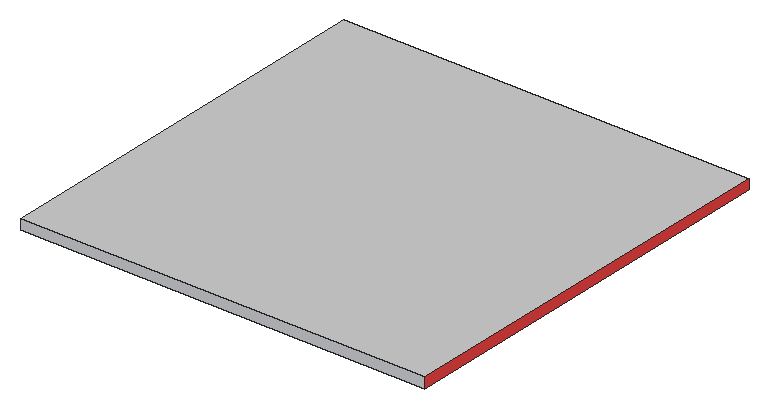
Revit family "GRIFO BAÑO-DUCHA EMPOTRABLE KILY", category Aparatos sanitarios, Revit 2015
Parameters (values of type "4957400")
  URL = "http://www.griferiasgalindo.com/bano-ducha/kily/grifo-bano-ducha-empotrable-kily?c=es"
  Teléfono = "(+34) 915 782 575"
  TIPO DE AGUA = ""
  REFERENCIA = "4957400"
  Presión Máxima = ""
  PESO BRUTO = ""
  Modelo = "KILY"
  Material = LATON CROMADO
  Imagen de tipo = <Ninguno>
  Fabricante = "PRESTO IBÉRICA"
  Default Elevation = 1219.2 mm
  ENTRADA = "Hembra 1/2''"
  Descripción = "Mecanismo monomando de baño-ducha Kily. Colección de líneas refinadas y elegantes que se adaptan a todo tipo de ambientes. Su original maneta de forma ondulada destaca en inclinación del escultural diseño del cuerpo del grifo. Una grifería que decora el espacio de baño con personalidad siendo piezas prácticas y ergonómicas muy confortables con el toque de distinción perfecto."
  Código de montaje = "C1030220"
  Contacto = "info@prestoiberica.com"
  Conexión AF = yes
  Conexión AC = yes
  Comentarios de tipo = "Mecanismo monomando de baño ducha empotrable.\r\n◦Acabado Cromo\r\n◦Cartucho con discos cerámicos de diámetro 25 mm."
  CIERRE = ""
  CAUDAL = "11 l/min a 3 bar"
  Accionamiento = "Por maneta"
Reference planes
  plane 1 "Centro (Frontal/Posterior)": y = 0
  plane 2: z = 0
  plane 3 "Centro (Izquierda/Derecha)": x = 0
Forms (mm)
  Extrusion 1, solid
    sketch origin (0, 0, 0) x (1, 0, 0) y (0, 1, 0)
      loop
        line (-100, 100) -> (-100, -100) -> (100, -100) -> (100, 100) -> (-100, 100)
    from 0 to -5
Dimensions and locks
  Extrusion 1 sketch curve to plane 1 "Centro (Frontal/Posterior)" = 100 mm
  aligned and locked: plane 2 to Extrusion 1
  aligned and locked: level to Extrusion 1
Connectors
  piping at (-28.75, -30.797, -43.5), diameter 12.7
    settings: on import instance, index 1, connector inside diameter 609.6 mm, connector length 0 mm, flow factor 0, pipe flow 0.0 L/s, pressure drop 0.0 Pa, fitting loss kfactor 0, connector angle 0.00°, fixture units 0, engagement length 0 mm, angle of deflection 0.00°, flow configuration 0, flow direction 1, fitting loss method 0, system type 19, joint type 0, gender type 0, connector reference index -1, connector utility 0, adjustable connector no, is connector primary yes, connector description ""
  piping at (28.75, -30.797, -43.5), diameter 12.7
    settings: on import instance, index 2, connector inside diameter 609.6 mm, connector length 0 mm, flow factor 0, pipe flow 0.0 L/s, pressure drop 0.0 Pa, fitting loss kfactor 0, connector angle 0.00°, fixture units 0, engagement length 0 mm, angle of deflection 0.00°, flow configuration 0, flow direction 1, fitting loss method 0, system type 20, joint type 0, gender type 0, connector reference index -1, connector utility 0, adjustable connector no, is connector primary no, connector description ""
  piping at (0, -64.797, -43.5), diameter 19.1
    settings: on import instance, index 3, connector inside diameter 609.6 mm, connector length 0 mm, flow factor 0, pipe flow 0.0 L/s, pressure drop 0.0 Pa, fitting loss kfactor 0, connector angle 0.00°, fixture units 0, engagement length 0 mm, angle of deflection 0.00°, flow configuration 0, flow direction 2, fitting loss method 0, system type 7, joint type 0, gender type 0, connector reference index -1, connector utility 0, adjustable connector no, is connector primary no, connector description ""
  piping at (0, 59.703, -43.5), diameter 19.1
    settings: on import instance, index 4, connector inside diameter 609.6 mm, connector length 0 mm, flow factor 0, pipe flow 0.0 L/s, pressure drop 0.0 Pa, fitting loss kfactor 0, connector angle 0.00°, fixture units 0, engagement length 0 mm, angle of deflection 0.00°, flow configuration 0, flow direction 2, fitting loss method 0, system type 7, joint type 0, gender type 0, connector reference index -1, connector utility 0, adjustable connector no, is connector primary no, connector description ""
